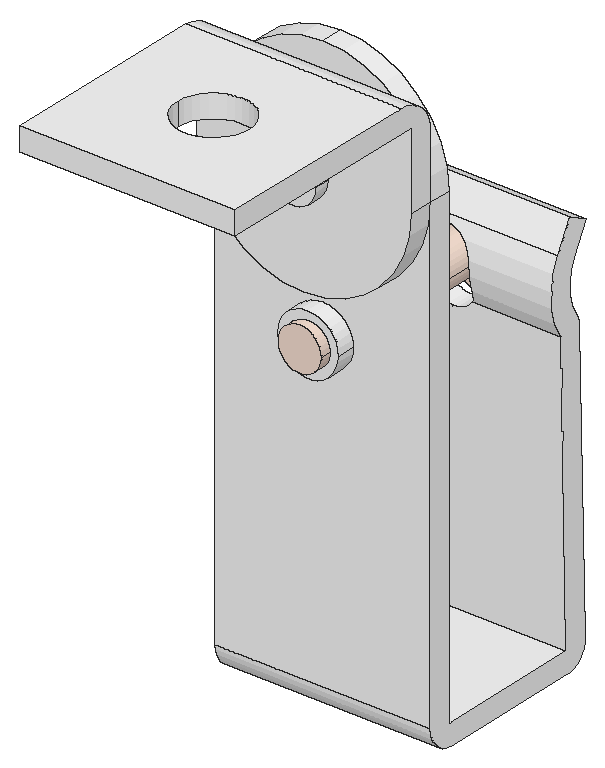
Revit family "RPフリーハンガー3分用（C-40×20)", category 機械設備, Revit 2020
Family settings
  丸型コネクタ寸法 = 直径を使用
  種別 = なし
  パーツ タイプ = 標準
  作業面ベース = いいえ
  常に垂直 = はい
  ロード時にボイドで切り取り = いいえ
  共有 = いいえ
  部屋計算ポイント = いいえ
Parameters
  製造元 = "株式会社桐井製作所"
  既定の高さ = 0 mm
  URL = "https://www.kirii.co.jp/"
  K_角度 [instance] = 90.00°
  K_材質 = "SGHC　一般用"
  K_外形寸法(mm) = "H84"
  K_品名 = "RPフリーハンガー3分用(C-40×20)"
  K_名称 = "耐震ハンガー"
  K_入数 = "100"
  K_バージョン情報 = "20211012"
  K_めっき付着量 = "Z12"
  K_JIS規格 = "JIS G 3302"
Reference planes
  plane 1 "中心(正面/背面)": y = 0
  plane 2: z = 0
  plane 3 "中心(左/右)": x = 0
Forms (mm)
  Extrusion 1, void
    sketch origin (0, -2.263, 0) x (1, 0, 0) y (0, 1, 0)
      loop
        circle (0, -16.737) r 5
    from 10.8 to 14
  Extrusion 2, solid
    sketch origin (0, -3.2, 0) x (0, 1, 0) y (0, 0, 1)
      loop
        line (-1.8, 14) -> (-30.79, 14) -> (-30.79, 10.8) -> (0, 10.8) -> (0, -15) -> (3.2, -15) -> (3.2, 9)
        arc (3.2, 9) -> (1.736, 12.536) -> (-1.8, 14) r 5
    from -15 to 15
  Extrusion 3, solid
    sketch origin (0, 0, 0) x (1, 0, 0) y (0, 0, 1)
      loop
        circle (0, 0) r 3.25
    from 3.2 to 5.2
  Extrusion 4, void
    sketch origin (0, 0, 0) x (1, 0, 0) y (0, 0, 1)
      loop
        line (-15, 0) -> (-15, -15) -> (0, -15)
        arc (0, -15) -> (-10.607, -10.607) -> (-15, 0) r 15
    from 0 to 3.2
  Extrusion 5, void
    sketch origin (0, 0, 0) x (-1, 0, 0) y (0, 0, -1)
      loop
        arc (-15, 0) -> (-10.607, 10.607) -> (0, 15) r 15
        line (0, 15) -> (-15, 15) -> (-15, 0)
    from 0 to 3.2
Cuts and joins
  Extrusion 1, Extrusion 4, Extrusion 5 cuts Extrusion 2
  Extrusion 4, Extrusion 5 cuts Extrusion 3
  joined: Extrusion 2, Extrusion 3
Dimensions and locks
  "K_角度": angle nested 1 to plane 2
  aligned and locked: level to plane 2
Automatic sketch dimensions
  Extrusion 1 sketch curve to plane 3 "中心(左/右)" = 0 mm
  plane 1 "中心(正面/背面)" to Extrusion 1 sketch curve = 19 mm
  Extrusion 2 sketch curve to plane 1 "中心(正面/背面)" = 0 mm
  plane 1 "中心(正面/背面)" to Extrusion 2 sketch curve = 3.2 mm
  Extrusion 2 sketch curve to Extrusion 2 sketch curve = 1.8 mm  (x2)
  level to Extrusion 2 sketch curve = 10.8 mm
  Extrusion 2 sketch curve to Extrusion 2 sketch curve = 28.99 mm
  Extrusion 2 sketch curve to level = 15 mm
  Extrusion 3 sketch curve to level = 0 mm
  Extrusion 3 sketch curve to plane 3 "中心(左/右)" = 0 mm
  Extrusion 4 sketch curve to level = 0 mm  (x2)
  Extrusion 4 sketch curve to plane 3 "中心(左/右)" = 0 mm
  Extrusion 4 sketch curve to level = 15 mm
  Extrusion 5 sketch curve to level = 0 mm  (x2)
  Extrusion 5 sketch curve to plane 3 "中心(左/右)" = 0 mm
  level to Extrusion 5 sketch curve = 15 mm
  radius of Extrusion 1 sketch curve = 5 mm
  radius of Extrusion 3 sketch curve = 3.25 mm
Nested families
  nested 1: "RPフリーハンガー(C40用)下部金具" at (0, 0, 0), type "RPフリーハンガー(C40用)下部金具"
Definition of nested family "RPフリーハンガー(C40用)下部金具"
  Parameters (values of type "RPフリーハンガー(C40用)下部金具")
    Manufacturer = "株式会社桐井製作所"
    Default Elevation = 0 mm
    URL = "https://www.kirii.co.jp/"
    K_名称 = "RPフリーハンガー(C38用)下部金具"
    K_バージョン情報 = "20211012"
  Reference planes
    plane 1 "中心(正面/背面)": y = 0
    plane 2: z = 0
    plane 3 "中心(左/右)": x = 0
  Forms (mm)
    Extrusion 1, solid
      sketch origin (0, 2, -91) x (0, 1, 0) y (0, 0, 1)
        loop
          line (1.2, 106) -> (-2, 106) -> (-2, 25.3)
          arc (-2, 25.3) -> (-0.916, 22.684) -> (1.7, 21.6) r 3.7
          line (1.7, 21.6) -> (21.713, 21.6)
          arc (21.713, 21.6) -> (24.005, 22.567) -> (24.912, 24.883) r 3.2
          line (24.912, 24.883) -> (23.881, 64.432)
          arc (23.881, 64.432) -> (23.749, 65.263) -> (23.405, 66.03) r 3.2
          arc (23.405, 66.03) -> (22.309, 69.56) -> (23.056, 73.18) r 7.4
          line (23.056, 73.18) -> (25.1, 77.121) -> (22.26, 78.594) -> (20.201, 74.624)
          arc (20.201, 74.624) -> (19.112, 69.424) -> (20.683, 64.348) r 10.6
          line (20.683, 64.348) -> (21.719, 24.6) -> (1.2, 24.6) -> (1.2, 106)
      from -15 to 15
    Extrusion 2, void
      sketch origin (0, 0, 0) x (1, 0, 0) y (0, 0, 1)
        loop
          arc (3.5, -20.734) -> (0, -17.234) -> (-3.5, -20.734) r 3.5
          line (-3.5, -20.734) -> (-3.5, -24.536)
          arc (-3.5, -24.536) -> (0, -28.036) -> (3.5, -24.536) r 3.5
          line (3.5, -24.536) -> (3.5, -20.734)
      from -26.14 to -20.821
    Extrusion 3, solid
      sketch origin (0, 0, 0) x (1, 0, 0) y (0, 0, 1)
        loop
          circle (0, 0) r 5
      from -5 to -3.2
    Extrusion 4, void
      sketch origin (0, 0, 0) x (1, 0, 0) y (0, 0, 1)
        loop
          line (0, 15) -> (-15, 15) -> (-15, 0)
          arc (-15, 0) -> (-10.607, 10.607) -> (0, 15) r 15
      from -3.2 to 0
    Extrusion 5, void
      sketch origin (0, 0, 0) x (-1, 0, 0) y (0, 0, -1)
        loop
          arc (0, -15) -> (-10.607, -10.607) -> (-15, 0) r 15
          line (-15, 0) -> (-15, -15) -> (0, -15)
      from -3.2 to 0
    Extrusion 6, solid
      sketch origin (0, 0, 0.031) x (1, 0, 0) y (0, 0, 1)
        loop
          circle (0, -21.873) r 4.25
      from 0 to 2.5
    Extrusion 7, void
      sketch origin (0, 0, 0.01) x (1, 0, 0) y (0, 0, 1)
        loop
          circle (0, -21.81) r 3
      from -3.2 to 2.5
    Extrusion 8, void
      sketch origin (0.022, 0, 0.046) x (1, 0, 0) y (0, 0, 1)
        loop
          circle (8.646, -2.5) r 2.5
        loop
          circle (-8.646, -2.5) r 2.5
      from -3.2 to 0
  Cuts and joins
    Extrusion 2, Extrusion 4, Extrusion 5, Extrusion 7, Extrusion 8 cuts Extrusion 1
    Extrusion 4, Extrusion 5, Extrusion 7 cuts Extrusion 3
    Extrusion 7 cuts Extrusion 6
    joined: Extrusion 1, Extrusion 3, Extrusion 6
  Dimensions and locks
    aligned and locked: level to plane 2
  Nested families
    nested 1: "M6×30ボルト" at (-0.011, 26.049, -21.6) x (-1, 0, 0) z (0, 0, 1), type "M6×30ボルト"
  Definition of nested family "M6×30ボルト"
    Parameters (values of type "M6×30ボルト")
      Manufacturer = "株式会社桐井製作所"
      Default Elevation = 0 mm
      URL = "https://www.kirii.co.jp/"
      K_名称 = "M6×30ボルト"
    Reference planes
      plane 1 "中心(正面/背面)": y = 0
      plane 2: z = 0
      plane 3 "中心(左/右)": x = 0
      plane 4 "正面": y = -4
    Forms (mm)
      Extrusion 1, solid
        sketch origin (0, 0, 0) x (1, 0, 0) y (0, 0, 1)
          loop
            line (-4.763, -2.946) -> (0, -5.696) -> (4.763, -2.946) -> (4.763, 2.554) -> (0, 5.304) -> (-4.763, 2.554) -> (-4.763, -2.946)
        from 0 to 4
      Extrusion 2, void
        sketch origin (0, -4, 0) x (-1, 0, 0) y (0, 0, 1)
          loop
            circle (0, -0.156) r 4.396
        from 0 to 1
      Extrusion 3, void
        sketch origin (0, -4, 0) x (-1, 0, 0) y (0, 0, 1)
          loop
            arc (-0.6, 1.814) -> (-1.069, 0.856) -> (-2.036, 0.404) r 1.605
            line (-2.036, 0.404) -> (-2.939, 0.404)
            arc (-2.939, 0.404) -> (-3, -0.195) -> (-2.94, -0.795) r 3
            line (-2.94, -0.795) -> (-2.049, -0.795)
            arc (-2.049, -0.795) -> (-1.074, -1.243) -> (-0.6, -2.206) r 1.605
            line (-0.6, -2.206) -> (-0.6, -3.135)
            arc (-0.6, -3.135) -> (0, -3.196) -> (0.6, -3.135) r 3
            line (0.6, -3.135) -> (0.6, -2.206)
            arc (0.6, -2.206) -> (1.074, -1.243) -> (2.049, -0.795) r 1.605
            line (2.049, -0.795) -> (2.94, -0.795)
            arc (2.94, -0.795) -> (3, -0.198) -> (2.941, 0.398) r 3
            line (2.941, 0.398) -> (2.117, 0.398)
            arc (2.117, 0.398) -> (1.098, 0.828) -> (0.6, 1.814) r 1.605
            line (0.6, 1.814) -> (0.6, 2.743)
            arc (0.6, 2.743) -> (0, 2.804) -> (-0.6, 2.743) r 3
            line (-0.6, 2.743) -> (-0.6, 1.814)
        from 0 to 2
      Extrusion 4, solid
        sketch origin (0, 0, 0) x (1, 0, 0) y (0, 0, 1)
          loop
            circle (-0.011, -0.2) r 3
        from 0 to -30
    Cuts and joins
      Extrusion 2, Extrusion 3 cuts Extrusion 1
      joined: Extrusion 1, Extrusion 4
    Dimensions and locks
      aligned and locked: level to plane 2
